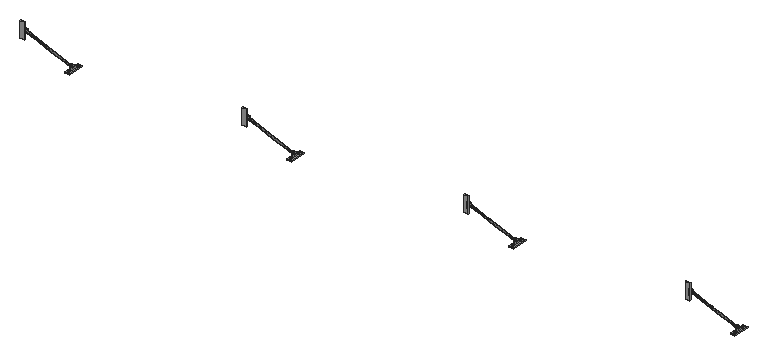
Revit family "Canopy Hanger Linear", category Generic Models, Revit 2025
Family settings
  Can host rebar = No
  Round Connector Dimension = Use Diameter
  Part Type = Normal
  Cut with Voids When Loaded = No
  Maintain Annotation Orientation = No
  Shared = No
  Room Calculation Point = No
Parameters
  built-in parameter 1001306 [instance] = 22' - 4"
  Default Space [instance] = 7' - 4"
  Default Elevation = 0' - 0"
  Count [instance] = roundup([built-in parameter 1001306] / Default Space)  # 4
Reference planes (in)
  plane 1 "Center (Front/Back)": y = 0
  plane 2: z = 0
  plane 3 "Left": x = 0
  plane 4 "Right": x = 268
Lines and regions (in)
  reference lines
    curve 1: line (0, 0, 0) -> (268, 0, 0)
Dimensions and locks (in)
  "built-in parameter 1001306": plane 3 "Left" to plane 4 "Right"
  equal spacing: group 1, group 2, group 3, group 4  (x3)
  "Default Space": plane 3 "Left" to nested 2
  aligned and locked: plane 4 "Right" to curve 1
  aligned and locked: plane 1 "Center (Front/Back)" to curve 1
  aligned and locked: plane 3 "Left" to curve 1
  aligned and locked: level to plane 2
Nested families (in)
  nested 1: "Canopy Hanger" at (0, 0, 0) x (-1, 0, 0) z (0, 0, 1), type "Canopy Hanger"
  nested 2: "Canopy Hanger" at (88, 0, 0) x (-1, 0, 0) z (0, 0, 1), type "Canopy Hanger"
  nested 3: "Canopy Hanger" at (176, 0, 0) x (-1, 0, 0) z (0, 0, 1), type "Canopy Hanger"
  nested 4: "Canopy Hanger" at (264, 0, 0) x (-1, 0, 0) z (0, 0, 1), type "Canopy Hanger"
Definition of nested family "Canopy Hanger"
  Parameters (values of type "Canopy Hanger")
    Material = none
    Default Elevation = 4' - 0"
  Reference planes (in)
    plane 1 "Center (Front/Back)": y = 0
    plane 2: z = 0
    plane 3 "Center (Left/Right)": x = 0
    plane 4 "face": through (-20.06626, -125.1822, -124.37036) normal (0, -0.7071, 0.7071)
    plane 5 "other": y = 25.39398
    plane 6 "connection": through (3.75167, -129.24559, -128.43376) normal (0, -0.7071, 0.7071)
  Forms (in)
    Extrusion 1, solid
      sketch origin (0, 0, 0) x (1, 0, 0) y (0, 1, 0)
        loop
          line (-48, 48) -> (-48, -48) -> (48, -48) -> (48, 48) -> (-48, 48)
      from 0 to -12
  Dimensions and locks (in)
    aligned and locked: plane 2 to Extrusion 1
    aligned and locked: level to Extrusion 1
    aligned and locked: plane 1 "Center (Front/Back)" to nested 1
  Nested families (in)
    nested 1: "Base" at (0, 0, 0), type "Base"
    nested 2: "Rod" at (0, 12.33813, 13.14997) x (1, 0, 0) z (0, -0.7071, 0.7071), type "Rod"
    nested 3: "Base" at (0, 25.36641, 25.26004) x (1, 0, 0) z (0, -1, 0), type "Base"
    nested 4: "Connector" at (0, 23.34051, 23.88718) x (1, 0, 0) z (0, -0.7071, 0.7071), type "Connector"
    nested 5: "Connector" at (0, 1.38604, 1.93271) x (1, 0, 0) z (0, -0.7071, 0.7071), type "Connector"
  Definition of nested family "Base"
    Parameters (values of type "Base")
      Width = 0' - 6 7/16"
      Thickness = 0' - 0 1/2"
      Material = none
      Length = 0' - 1 7/8"
      Default Elevation = 4' - 0"
    Reference planes (in)
      plane 1 "Center (Front/Back)": y = 0
      plane 2: z = 0
      plane 3 "Center (Left/Right)": x = 0
      plane 4: x = -0.25
      plane 5: x = 0.25
      plane 6: y = -0.68819
      plane 7: z = 1.59299
      plane 8: z = 1.16984
      plane 9: z = 2.01615
    Forms (in)
      Extrusion 1, solid, material <- "Material"
        sketch origin (0, 0, 0) x (1, 0, 0) y (0, 1, 0)
          loop
            line (-0.9375, 3.21875) -> (-0.9375, -3.03125) -> (0.9375, -3.03125) -> (0.9375, 3.21875) -> (-0.9375, 3.21875)
        from 0 to 0.375
      Extrusion 2, solid, material <- "Material"
        sketch origin (0, 0, 0) x (0, 1, 0) y (0, 0, 1)
          loop
            line (-0.19875, 2.16001) -> (-0.35875, 2.26668) -> (-0.54542, 2.30668) -> (-0.89208, 2.30668) -> (-1.03875, 2.28001) -> (-1.18542, 2.21334) -> (-1.29209, 2.10667) -> (-1.37209, 1.94667) -> (-1.38542, 1.81334) -> (-1.38542, 0.37334) -> (1.68125, 0.37334) -> (-0.19875, 2.16001)
        from -0.25 to 0.25
      Extrusion 3, void
        sketch origin (0, 0, 0) x (0, 1, 0) y (0, 0, 1)
          loop
            circle (-0.68819, 1.59299) r 0.42333
        from -0.25 to 0.25
      Extrusion 4, solid, material <- "Material"
        sketch origin (0, 0, 0) x (1, 0, 0) y (0, 1, 0)
          loop
            circle (0, 2.44826) r 0.35355
          loop
            circle (0, -2.1607) r 0.35355
        from 0.375 to 0.59808
    Cuts and joins
      Extrusion 3 cuts Extrusion 2
    Dimensions and locks (in)
      "Length": Extrusion 1 sketch curve to Extrusion 1 sketch curve
      equal spacing: Extrusion 1 sketch curve, plane 3 "Center (Left/Right)", Extrusion 1 sketch curve
      equal spacing: plane 4, plane 3 "Center (Left/Right)", plane 5
      "Thickness": plane 4 to plane 5
      equal spacing: plane 9, plane 7, plane 8
      aligned and locked: plane 2 to level
      aligned and locked: plane 5 to Extrusion 2
      aligned and locked: Extrusion 2 to plane 4
    Automatic sketch dimensions
      plane 1 "Center (Front/Back)" to Extrusion 2 sketch curve = 0' - 1.38542"  (x2)
      Extrusion 2 sketch curve to Extrusion 2 sketch curve = 0' - 0.01333"
      Extrusion 2 sketch curve to Extrusion 2 sketch curve = 0' - 0.08"
      Extrusion 2 sketch curve to Extrusion 2 sketch curve = 0' - 0.10667"  (x3)
      Extrusion 2 sketch curve to Extrusion 2 sketch curve = 0' - 0.14667"  (x2)
      Extrusion 2 sketch curve to Extrusion 2 sketch curve = 0' - 0.34667"
      Extrusion 2 sketch curve to Extrusion 2 sketch curve = 0' - 0.18667"
      Extrusion 2 sketch curve to Extrusion 2 sketch curve = 0' - 0.16"  (x2)
      level to Extrusion 2 sketch curve = 0' - 1.81334"
      Extrusion 2 sketch curve to Extrusion 2 sketch curve = 0' - 0.13333"
      Extrusion 2 sketch curve to Extrusion 2 sketch curve = 0' - 0.05334"
      Extrusion 2 sketch curve to Extrusion 2 sketch curve = 0' - 0.06667"
      Extrusion 2 sketch curve to Extrusion 2 sketch curve = 0' - 0.02667"
      Extrusion 2 sketch curve to Extrusion 2 sketch curve = 0' - 0.04"
      level to Extrusion 2 sketch curve = 0' - 0.37334"
      Extrusion 2 sketch curve to plane 1 "Center (Front/Back)" = 0' - 1.68125"
      Extrusion 3 sketch curve to plane 6 = 0' - 0"
      Extrusion 3 sketch curve to plane 7 = 0' - 0"
      Extrusion 4 sketch curve to plane 3 "Center (Left/Right)" = 0' - 0"  (x2)
      plane 1 "Center (Front/Back)" to Extrusion 4 sketch curve = 0' - 2.1607"
      Extrusion 4 sketch curve to plane 1 "Center (Front/Back)" = 0' - 2.44826"
      plane 1 "Center (Front/Back)" to Extrusion 1 sketch curve = 0' - 3 1/32"
      Extrusion 1 sketch curve to plane 1 "Center (Front/Back)" = 0' - 3 7/32"
      radius of Extrusion 3 sketch curve = 0' - 0.42333"
      radius of Extrusion 4 sketch curve = 0' - 0.35355"  (x2)
  Definition of nested family "Rod"
    Parameters (values of type "Rod")
      Material = none
      Default Elevation = 4' - 0"
    Reference planes (in)
      plane 1 "Center (Front/Back)": y = 0
      plane 2: z = 0
      plane 3 "Center (Left/Right)": x = 0
    Forms (in)
      Revolve 1, solid, material <- "Material"
        sketch origin (0, 0, 0) x (0, 1, 0) y (0, 0, 1)
          loop
            line (-15.25, 0) -> (15, 0) -> (15, 0.25) -> (1.875, 0.25) -> (1.875, 0.3125) -> (-2.125, 0.3125) -> (-2.125, 0.25) -> (-15.25, 0.25) -> (-15.25, 0)
          axis (-15.25, 0) -> (15, 0)
        angle from 0 to 360
    Dimensions and locks (in)
      aligned and locked: plane 2 to level
      aligned and locked: Revolve 1 sketch curve to Revolve 1 sketch curve
  Definition of nested family "Connector"
    Parameters (values of type "Connector")
      Material = none
      Default Elevation = 4' - 0"
    Reference planes (in)
      plane 1 "Center (Front/Back)": y = 0
      plane 2: z = 0
      plane 3 "Center (Left/Right)": x = 0
      plane 4: z = 0.375
    Forms (in)
      Extrusion 1, solid, material <- "Material"
        sketch origin (0, 0, 0) x (1, 0, 0) y (0, 1, 0)
          loop
            line (-0.5, 1) -> (-0.5, -1) -> (-0.19182, -1) -> (-0.19182, -0.31494) -> (0.19182, -0.31494) -> (0.19182, -1) -> (0.5, -1) -> (0.5, 1) -> (0.19182, 1) -> (0.19182, 0.31494) -> (-0.19182, 0.31494) -> (-0.19182, 1) -> (-0.5, 1)
        from 0 to 0.375
    Dimensions and locks (in)
      equal spacing: Extrusion 1 sketch curve, plane 3 "Center (Left/Right)", Extrusion 1 sketch curve
      plane 3 "Center (Left/Right)" to Extrusion 1 sketch curve = 0' - 0 1/2"
      equal spacing: Extrusion 1 sketch curve, plane 1 "Center (Front/Back)", Extrusion 1 sketch curve
      plane 1 "Center (Front/Back)" to Extrusion 1 sketch curve = 0' - 1"
      plane 4 to plane 2 = 0' - 0 3/8"
      aligned and locked: plane 2 to level
      aligned and locked: plane 4 to Extrusion 1
